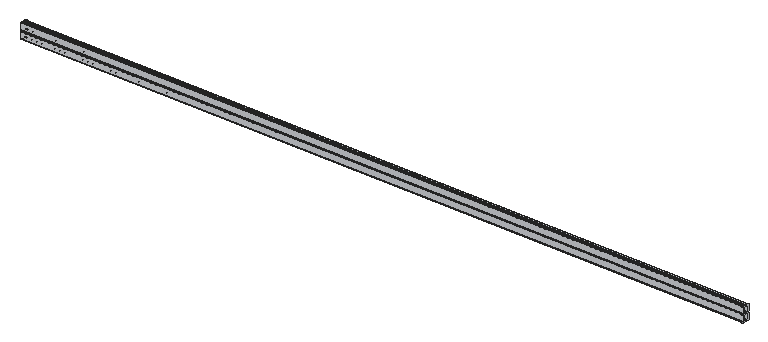
Revit family "Montageschiene 45-120-3,0 D  6m fsv Langloch 2D", category HLS-Bauteile, Revit 2023
Family settings
  Bemaßung runder Anschluss = Durchmesser verwenden
  Teiletyp = Normal
  Arbeitsebenenbasiert = Ja
  Immer vertikal = Nein
  Beim Laden mit Abzugskörper schneiden = Nein
  Beschriftungsausrichtung beibehalten = Nein
  Gemeinsam genutzt = Ja
  Raumberechnungspunkt = Nein
Parameters
  vpe = "24"
  Widerstandsmoment Wz = "15.25 cm³"
  Widerstandsmoment Wy = "19.96 cm³"
  Default Elevation = 1219.2 mm
  Trägheitsradius iz = "1.95 cm"
  Trägheitsradius iy = "3.64 cm"
  Torsionswiderstandsmoment Wt = " cm³"
  Stärke = 3 mm
  Streckgrenze = "235 N/mm²"
  Schwerpunktabstand ez = "2.25 cm"
  Schwerpunktabstand eu = "6.00 cm"
  Schwerpunktabstand eo = "6.00 cm"
  Schlitzbreite = "22 mm"
  Regelhalter [instance] = ""
  Profiltyp = "45/120"
  Profil = "Doppel-C-Profil"
  Oberflaeche = "feuerstückverzinkt"
  Montagelänge [instance] = 6000 mm
  Mengeneinheit = "m"
  Materialname = "S235"
  Material = "Stahl"
  Länge = 6000 mm
  Lochdurchmesser = "18.00 mm"
  Langloch = "14.0 x 45.0 mm"
  Kurztext2 = "45 / 120 / 3 mm L= 6 m fsv"
  Kurztext1 = "Montageschiene C-Profil doppelt"
  Höhe = "120 mm"
  Gewicht pro Stück [instance] = (Gewicht * Montagelänge / (1000 mm * 1000 mm)) * 1000 mm  # 51.78 kg
  Gewicht pro Bauteil [instance] = Gewicht pro Stück  # 51.78 kg
  Gewicht = 8.63 kg
  Gesamtlänge [instance] = Montagelänge  # 6000 mm
  Gesamtgewicht [instance] = Gewicht pro Bauteil  # 51.78 kg
  Fläche (schwächster Profilquerschnitt) = 0.000904 m²
  Firma = "MEFA Befestigungs- und Montagesysteme GmbH"
  Fabrikat = "MEFA"
  Erweiterung Langloch = "18.0 mm"
  EAN = "4250928419491"
  Bund = "120 m"
  Breite = 45 mm
  Artikelnummer = "0810833"
  Anzahl Langloch [instance] = Montagelänge / 105 mm  # 57
  Abmessung = "45/120/3.0 mm"
Reference planes
  plane 1 "Mitte (Vorne/hinten)": y = 0
  plane 2: z = 0
  plane 3 "Mitte (Links/rechts)": x = 0
  plane 4: x = 6000
Forms (mm)
  Extrusion 1, solid, detail levels fine
    sketch origin (0, 0, 0) x (0, 1, 0) y (0, 0, 1)
      loop
        arc (-22.5, 64) -> (-21.328, 61.172) -> (-18.5, 60) r 4
        arc (-18.5, 60) -> (-21.328, 58.828) -> (-22.5, 56) r 4
        line (-22.5, 56) -> (-22.5, 3)
        arc (-22.5, 3) -> (-21.621, 0.879) -> (-19.5, 0) r 3
        line (-19.5, 0) -> (-11.993, 0)
        arc (-11.993, 0) -> (-11.291, 0.291) -> (-11, 0.993) r 0.993
        line (-11, 0.993) -> (-11, 7.5) -> (-14, 7.5) -> (-14, 3) -> (-19.5, 3) -> (-19.5, 56)
        arc (-19.5, 56) -> (-19.207, 56.707) -> (-18.5, 57) r 1
        line (-18.5, 57) -> (18.5, 57)
        arc (18.5, 57) -> (19.207, 56.707) -> (19.5, 56) r 1
        line (19.5, 56) -> (19.5, 3) -> (14, 3) -> (14, 7.5) -> (11, 7.5) -> (11, 0.993)
        arc (11, 0.993) -> (11.291, 0.291) -> (11.993, 0) r 0.993
        line (11.993, 0) -> (19.5, 0)
        arc (19.5, 0) -> (21.621, 0.879) -> (22.5, 3) r 3
        line (22.5, 3) -> (22.5, 56)
        arc (22.5, 56) -> (21.328, 58.828) -> (18.5, 60) r 4
        arc (18.5, 60) -> (21.328, 61.172) -> (22.5, 64) r 4
        line (22.5, 64) -> (22.5, 117)
        arc (22.5, 117) -> (21.621, 119.121) -> (19.5, 120) r 3
        line (19.5, 120) -> (11.993, 120)
        arc (11.993, 120) -> (11.291, 119.709) -> (11, 119.007) r 0.993
        line (11, 119.007) -> (11, 112.5) -> (14, 112.5) -> (14, 117) -> (19.5, 117) -> (19.5, 64)
        arc (19.5, 64) -> (19.207, 63.293) -> (18.5, 63) r 1
        line (18.5, 63) -> (-18.5, 63)
        arc (-18.5, 63) -> (-19.207, 63.293) -> (-19.5, 64) r 1
        line (-19.5, 64) -> (-19.5, 117) -> (-14, 117) -> (-14, 112.5) -> (-11, 112.5) -> (-11, 119.007)
        arc (-11, 119.007) -> (-11.291, 119.709) -> (-11.993, 120) r 0.993
        line (-11.993, 120) -> (-19.5, 120)
        arc (-19.5, 120) -> (-21.621, 119.121) -> (-22.5, 117) r 3
        line (-22.5, 117) -> (-22.5, 64)
    from 0 to 6000
  Extrusion 2, solid, detail levels medium
    sketch origin (0, 0, 0) x (0, 1, 0) y (0, 0, 1)
      loop
        line (-22.5, 60) -> (-22.5, 0) -> (-11, 0) -> (-11, 7.5) -> (-14, 7.5) -> (-14, 3) -> (-19.5, 3) -> (-19.5, 57) -> (19.5, 57) -> (19.5, 3) -> (14, 3) -> (14, 7.5) -> (11, 7.5) -> (11, 0) -> (22.5, 0) -> (22.5, 60) -> (22.5, 120) -> (11, 120) -> (11, 112.5) -> (14, 112.5) -> (14, 117) -> (19.5, 117) -> (19.5, 63) -> (-19.5, 63) -> (-19.5, 117) -> (-14, 117) -> (-14, 112.5) -> (-11, 112.5) -> (-11, 120) -> (-22.5, 120) -> (-22.5, 60)
    from 0 to 6000
  Extrusion 3, solid, detail levels coarse
    sketch origin (0, 0, 0) x (0, 1, 0) y (0, 0, 1)
      loop
        line (-22.5, 60) -> (-22.5, 0) -> (22.5, 0) -> (22.5, 60) -> (22.5, 120) -> (-22.5, 120) -> (-22.5, 60)
    from 0 to 6000
Dimensions and locks
  "Montagelänge": plane 4 to plane 3 "Mitte (Links/rechts)"
  equal spacing: group 1, group 2, group 3, group 4, group 5, group 6, group 7, group 8, group 9, group 10, group 11, group 12, group 13, group 14, group 15, group 16, group 17, group 18, group 19, group 20, group 21, group 22, group 23, group 24, group 25, group 26, group 27, group 28, group 29, group 30, group 31, group 32, group 33, group 34, group 35, group 36, group 37, group 38, group 39, group 40, group 41, group 42, group 43, group 44, group 45, group 46, group 47, group 48, group 49, group 50, group 51, group 52, group 53, group 54, group 55, group 56, group 57  (x3)
  aligned and locked: level to plane 2
  aligned and locked: Extrusion 1 to plane 3 "Mitte (Links/rechts)"
  aligned and locked: plane 4 to Extrusion 1
  aligned and locked: Extrusion 1 to plane 4
  aligned and locked: plane 4 to Extrusion 2
  aligned and locked: plane 4 to Extrusion 3
  aligned and locked: plane 3 "Mitte (Links/rechts)" to Extrusion 1
  aligned and locked: Extrusion 2 to plane 3 "Mitte (Links/rechts)"
  aligned and locked: Extrusion 3 to plane 3 "Mitte (Links/rechts)"
  aligned and locked: plane 1 "Mitte (Vorne/hinten)" to nested 1
Automatic sketch dimensions
  Extrusion 1 sketch curve to Extrusion 1 sketch curve = 0 mm  (x17)
  level to Extrusion 1 sketch curve = 60 mm  (x4)
  plane 1 "Mitte (Vorne/hinten)" to Extrusion 1 sketch curve = 22.5 mm
  Extrusion 1 sketch curve to Extrusion 1 sketch curve = 3 mm  (x6)
  Extrusion 1 sketch curve to Extrusion 1 sketch curve = 1 mm  (x2)
  Extrusion 1 sketch curve to Extrusion 1 sketch curve = 5.5 mm  (x3)
  Extrusion 1 sketch curve to Extrusion 1 sketch curve = 2.007 mm  (x4)
  Extrusion 1 sketch curve to Extrusion 1 sketch curve = 0.993 mm  (x3)
  Extrusion 1 sketch curve to plane 1 "Mitte (Vorne/hinten)" = 11 mm  (x2)
  level to Extrusion 1 sketch curve = 64 mm
  Extrusion 1 sketch curve to plane 1 "Mitte (Vorne/hinten)" = 18.5 mm
  Extrusion 1 sketch curve to Extrusion 1 sketch curve = 48.5 mm  (x2)
  Extrusion 1 sketch curve to Extrusion 1 sketch curve = 4.5 mm  (x4)
  Extrusion 2 sketch curve to Extrusion 2 sketch curve = 3 mm  (x11)
  Extrusion 2 sketch curve to Extrusion 2 sketch curve = 5.5 mm  (x2)
  Extrusion 2 sketch curve to plane 1 "Mitte (Vorne/hinten)" = 11 mm  (x2)
  level to Extrusion 2 sketch curve = 57 mm
  Extrusion 2 sketch curve to plane 1 "Mitte (Vorne/hinten)" = 19.5 mm
  Extrusion 2 sketch curve to Extrusion 2 sketch curve = 0 mm  (x3)
  Extrusion 2 sketch curve to Extrusion 2 sketch curve = 49.5 mm  (x2)
  Extrusion 2 sketch curve to Extrusion 2 sketch curve = 4.5 mm  (x4)
  level to Extrusion 2 sketch curve = 63 mm
  plane 1 "Mitte (Vorne/hinten)" to Extrusion 2 sketch curve = 11 mm
  level to Extrusion 2 sketch curve = 60 mm  (x2)
  Extrusion 3 sketch curve to level = 0 mm
  plane 1 "Mitte (Vorne/hinten)" to Extrusion 3 sketch curve = 22.5 mm
  Extrusion 3 sketch curve to plane 1 "Mitte (Vorne/hinten)" = 22.5 mm
  level to Extrusion 3 sketch curve = 60 mm  (x2)
  Extrusion 3 sketch curve to Extrusion 3 sketch curve = 60 mm
Nested families
  nested 1: "Langloch 14 x 45 18 2D" at (52.498, 0, 63), type "Langloch 14 x 45 18 2D", detail levels fine
  nested 2: "Langloch 14 x 45 18 2D" at (157.498, 0, 63), type "Langloch 14 x 45 18 2D", detail levels fine
  nested 3: "Langloch 14 x 45 18 2D" at (262.498, 0, 63), type "Langloch 14 x 45 18 2D", detail levels fine
  nested 4: "Langloch 14 x 45 18 2D" at (367.498, 0, 63), type "Langloch 14 x 45 18 2D", detail levels fine
  nested 5: "Langloch 14 x 45 18 2D" at (472.498, 0, 63), type "Langloch 14 x 45 18 2D", detail levels fine
  nested 6: "Langloch 14 x 45 18 2D" at (577.498, 0, 63), type "Langloch 14 x 45 18 2D", detail levels fine
  nested 7: "Langloch 14 x 45 18 2D" at (682.498, 0, 63), type "Langloch 14 x 45 18 2D", detail levels fine
  nested 8: "Langloch 14 x 45 18 2D" at (787.498, 0, 63), type "Langloch 14 x 45 18 2D", detail levels fine
  nested 9: "Langloch 14 x 45 18 2D" at (892.498, 0, 63), type "Langloch 14 x 45 18 2D", detail levels fine
  nested 10: "Langloch 14 x 45 18 2D" at (997.498, 0, 63), type "Langloch 14 x 45 18 2D", detail levels fine
  nested 11: "Langloch 14 x 45 18 2D" at (1102.498, 0, 63), type "Langloch 14 x 45 18 2D", detail levels fine
  nested 12: "Langloch 14 x 45 18 2D" at (1207.498, 0, 63), type "Langloch 14 x 45 18 2D", detail levels fine
  nested 13: "Langloch 14 x 45 18 2D" at (1312.498, 0, 63), type "Langloch 14 x 45 18 2D", detail levels fine
  nested 14: "Langloch 14 x 45 18 2D" at (1417.498, 0, 63), type "Langloch 14 x 45 18 2D", detail levels fine
  nested 15: "Langloch 14 x 45 18 2D" at (1522.498, 0, 63), type "Langloch 14 x 45 18 2D", detail levels fine
  nested 16: "Langloch 14 x 45 18 2D" at (1627.498, 0, 63), type "Langloch 14 x 45 18 2D", detail levels fine
  nested 17: "Langloch 14 x 45 18 2D" at (1732.498, 0, 63), type "Langloch 14 x 45 18 2D", detail levels fine
  nested 18: "Langloch 14 x 45 18 2D" at (1837.498, 0, 63), type "Langloch 14 x 45 18 2D", detail levels fine
  nested 19: "Langloch 14 x 45 18 2D" at (1942.498, 0, 63), type "Langloch 14 x 45 18 2D", detail levels fine
  nested 20: "Langloch 14 x 45 18 2D" at (2047.498, 0, 63), type "Langloch 14 x 45 18 2D", detail levels fine
  nested 21: "Langloch 14 x 45 18 2D" at (2152.498, 0, 63), type "Langloch 14 x 45 18 2D", detail levels fine
  nested 22: "Langloch 14 x 45 18 2D" at (2257.498, 0, 63), type "Langloch 14 x 45 18 2D", detail levels fine
  nested 23: "Langloch 14 x 45 18 2D" at (2362.498, 0, 63), type "Langloch 14 x 45 18 2D", detail levels fine
  nested 24: "Langloch 14 x 45 18 2D" at (2467.498, 0, 63), type "Langloch 14 x 45 18 2D", detail levels fine
  nested 25: "Langloch 14 x 45 18 2D" at (2572.498, 0, 63), type "Langloch 14 x 45 18 2D", detail levels fine
  nested 26: "Langloch 14 x 45 18 2D" at (2677.498, 0, 63), type "Langloch 14 x 45 18 2D", detail levels fine
  nested 27: "Langloch 14 x 45 18 2D" at (2782.498, 0, 63), type "Langloch 14 x 45 18 2D", detail levels fine
  nested 28: "Langloch 14 x 45 18 2D" at (2887.498, 0, 63), type "Langloch 14 x 45 18 2D", detail levels fine
  nested 29: "Langloch 14 x 45 18 2D" at (2992.498, 0, 63), type "Langloch 14 x 45 18 2D", detail levels fine
  nested 30: "Langloch 14 x 45 18 2D" at (3097.498, 0, 63), type "Langloch 14 x 45 18 2D", detail levels fine
  nested 31: "Langloch 14 x 45 18 2D" at (3202.498, 0, 63), type "Langloch 14 x 45 18 2D", detail levels fine
  nested 32: "Langloch 14 x 45 18 2D" at (3307.498, 0, 63), type "Langloch 14 x 45 18 2D", detail levels fine
  nested 33: "Langloch 14 x 45 18 2D" at (3412.498, 0, 63), type "Langloch 14 x 45 18 2D", detail levels fine
  nested 34: "Langloch 14 x 45 18 2D" at (3517.498, 0, 63), type "Langloch 14 x 45 18 2D", detail levels fine
  nested 35: "Langloch 14 x 45 18 2D" at (3622.498, 0, 63), type "Langloch 14 x 45 18 2D", detail levels fine
  nested 36: "Langloch 14 x 45 18 2D" at (3727.498, 0, 63), type "Langloch 14 x 45 18 2D", detail levels fine
  nested 37: "Langloch 14 x 45 18 2D" at (3832.498, 0, 63), type "Langloch 14 x 45 18 2D", detail levels fine
  nested 38: "Langloch 14 x 45 18 2D" at (3937.498, 0, 63), type "Langloch 14 x 45 18 2D", detail levels fine
  nested 39: "Langloch 14 x 45 18 2D" at (4042.498, 0, 63), type "Langloch 14 x 45 18 2D", detail levels fine
  nested 40: "Langloch 14 x 45 18 2D" at (4147.498, 0, 63), type "Langloch 14 x 45 18 2D", detail levels fine
  nested 41: "Langloch 14 x 45 18 2D" at (4252.498, 0, 63), type "Langloch 14 x 45 18 2D", detail levels fine
  nested 42: "Langloch 14 x 45 18 2D" at (4357.498, 0, 63), type "Langloch 14 x 45 18 2D", detail levels fine
  nested 43: "Langloch 14 x 45 18 2D" at (4462.498, 0, 63), type "Langloch 14 x 45 18 2D", detail levels fine
  nested 44: "Langloch 14 x 45 18 2D" at (4567.498, 0, 63), type "Langloch 14 x 45 18 2D", detail levels fine
  nested 45: "Langloch 14 x 45 18 2D" at (4672.498, 0, 63), type "Langloch 14 x 45 18 2D", detail levels fine
  nested 46: "Langloch 14 x 45 18 2D" at (4777.498, 0, 63), type "Langloch 14 x 45 18 2D", detail levels fine
  nested 47: "Langloch 14 x 45 18 2D" at (4882.498, 0, 63), type "Langloch 14 x 45 18 2D", detail levels fine
  nested 48: "Langloch 14 x 45 18 2D" at (4987.498, 0, 63), type "Langloch 14 x 45 18 2D", detail levels fine
  nested 49: "Langloch 14 x 45 18 2D" at (5092.498, 0, 63), type "Langloch 14 x 45 18 2D", detail levels fine
  nested 50: "Langloch 14 x 45 18 2D" at (5197.498, 0, 63), type "Langloch 14 x 45 18 2D", detail levels fine
  nested 51: "Langloch 14 x 45 18 2D" at (5302.498, 0, 63), type "Langloch 14 x 45 18 2D", detail levels fine
  nested 52: "Langloch 14 x 45 18 2D" at (5407.498, 0, 63), type "Langloch 14 x 45 18 2D", detail levels fine
  nested 53: "Langloch 14 x 45 18 2D" at (5512.498, 0, 63), type "Langloch 14 x 45 18 2D", detail levels fine
  nested 54: "Langloch 14 x 45 18 2D" at (5617.498, 0, 63), type "Langloch 14 x 45 18 2D", detail levels fine
  nested 55: "Langloch 14 x 45 18 2D" at (5722.498, 0, 63), type "Langloch 14 x 45 18 2D", detail levels fine
  nested 56: "Langloch 14 x 45 18 2D" at (5827.498, 0, 63), type "Langloch 14 x 45 18 2D", detail levels fine
  nested 57: "Langloch 14 x 45 18 2D" at (5932.498, 0, 63), type "Langloch 14 x 45 18 2D", detail levels fine
Definition of nested family "Langloch 14 x 45 18 2D"
  Parameters (values of type "Langloch 14 x 45 18 2D")
    Default Elevation = 1219.2 mm
  Reference planes
    plane 1 "Mitte (Vorne/hinten)": y = 0
    plane 2: z = 0
    plane 3 "Mitte (Links/rechts)": x = 0
  Forms (mm)
    Extrusion 1, solid
      sketch origin (0, 0, 0) x (1, 0, 0) y (0, 1, 0)
        loop
          line (-1219.2, 1219.2) -> (-1219.2, -1219.2) -> (1219.2, -1219.2) -> (1219.2, 1219.2) -> (-1219.2, 1219.2)
      from 0 to -304.8
  Lines and regions (mm)
    model lines
      curve 1: line (-15.498, 7, 0) -> (-5.645, 7, 0)
      curve 2: line (-15.498, -7, 0) -> (-5.645, -7, 0)
      curve 3: arc (15.692, 6.997, 0) -> (22.502, 0, 0) -> (15.692, -6.997, 0) r 7
      curve 6: arc (-15.498, 7, 0) -> (-22.498, 0, 0) -> (-15.498, -7, 0) r 7
      curve 7: line (-15.692, 7.5, 0) -> (-15.692, -7.5, 0)
      curve 8: line (-24.531, 0, 0) -> (24.555, 0, 0)
      curve 9: circle (52.502, 0, 0) r 9 normal (0, 0, 1)
      curve 10: line (52.502, 11, 0) -> (52.502, -11, 0)
      curve 12: line (42.937, 0, 0) -> (62.034, 0, 0)
      curve 13: arc (5.672, 6.997, 0) -> (0.014, 9, 0) -> (-5.645, 7, 0) r 9
      curve 14: line (15.692, 6.997, 0) -> (5.672, 6.997, 0)
      curve 15: line (15.692, -6.997, 0) -> (5.672, -6.997, 0)
      curve 16: arc (5.672, -6.997, 0) -> (0.014, -9, 0) -> (-5.645, -7, 0) r 9
      curve 17: line (0, 11, 0) -> (0, -11, 0)
      curve 19: line (15, 7.5, 0) -> (15, -7.5, 0)
    model lines, detail levels fine
      curve 4: line (-15.692, 0, 10) -> (-15.692, 0, -10)
      curve 5: line (15.692, 0, 10) -> (15.692, 0, -10)
      curve 11: line (52.502, 0, 10) -> (52.502, 0, -10)
      curve 18: line (0.014, 0, 10) -> (0.014, 0, -10)
  Dimensions and locks
    aligned and locked: plane 2 to Extrusion 1
    aligned and locked: level to Extrusion 1
    aligned and locked: curve 17 to plane 3 "Mitte (Links/rechts)"
